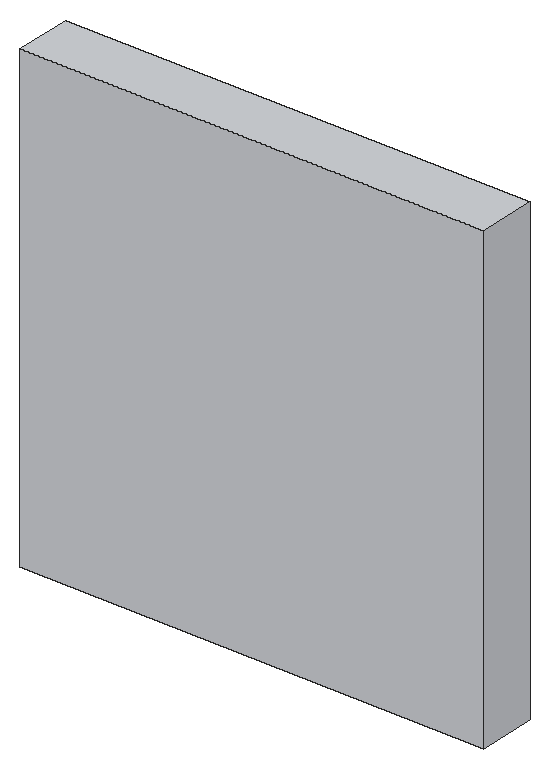
Revit family "WA-Panel", category Generic Models, host Wall, Revit 2011
Parameters (values of type "2'x2'")
  Width = 23 3/16"
  URL = "http://www.wengercorp.com/Home/Contact.html"
  Type Comments = "Rectangular"
  Thickness = 2 7/8"
  Part Number = "161G115"
  Manufacturer = "Wenger Corporation"
  Keynote = "Acoustic Wall Absorber Panels"
  Height = 23 3/16"
  Description = "Acoustic Panel"
  Assembly Code = ""
Types (15): name | Width | Height
  2'x2' | 23 3/16" | 23 3/16"
  2'x3' | 23 3/16" | 35 3/16"
  2'x4' | 23 3/16" | 46 7/8"
  2'x5' | 23 3/16" | 59 7/8"
  2'x6' | 23 3/16" | 70 7/8"
  2'x8' | 23 3/16" | 94 7/8"
  3'x3' | 35 3/16" | 35 3/16"
  3'x4' | 35 3/16" | 46 7/8"
  3'x5' | 35 3/16" | 58 7/8"
  3'x6' | 35 3/16" | 70 7/8"
  3'x8' | 35 3/16" | 94 7/8"
  4'x4' | 46 7/8" | 46 7/8"
  4'x5' | 46 7/8" | 58 7/8"
  4'x6' | 46 7/8" | 70 7/8"
  4'x8' | 46 7/8" | 94 7/8"
Reference planes (in)
  plane 1: y = 0
  plane 2 "Center (Left/Right)": x = 0
  plane 3 "Wall Edge": y = 3
  plane 4 "Right Side": x = 11.59375
  plane 5 "Left Side": x = -11.59375
  plane 6 "Bottom": z = 56.63048
  plane 7 "Top": z = 79.81798
  plane 8: z = 68.22423
  plane 9 "Front Thickness": y = 5.875
Forms (in)
  Extrusion 1, solid
    sketch origin (0, 3, 0) x (-1, 0, 0) y (0, 0, 1)
      loop
        line (-11.59375, 79.81798) -> (-11.59375, 56.63048) -> (11.59375, 56.63048) -> (11.59375, 79.81798) -> (-11.59375, 79.81798)
    from 0 to 2.875 <- "Thickness"
Text (in)
  text "Placement Side" at (0, 40.15149, 123.01588), in view "Right"
  text "Placement Side" at (-70.3804, 58.37636, 0), in view "Ref. Level"
  text "Placement Side" at (0, 81.62555, 140.59947), in view "Left"
Dimensions and locks (in)
  locked: plane 3 "Wall Edge" to host wall
  equal spacing: plane 4 "Right Side", plane 2 "Center (Left/Right)", plane 5 "Left Side"
  "Width": plane 4 "Right Side" to plane 5 "Left Side"
  "Height": plane 6 "Bottom" to plane 7 "Top"
  equal spacing: plane 6 "Bottom", plane 8, plane 7 "Top"
  level to plane 8 = 68.22423"
  aligned and locked: Extrusion 1 sketch curve to plane 7 "Top"
  aligned and locked: Extrusion 1 sketch curve to plane 4 "Right Side"
  aligned and locked: plane 6 "Bottom" to Extrusion 1 sketch curve
  aligned and locked: Extrusion 1 sketch curve to plane 5 "Left Side"
  aligned and locked: Extrusion 1 to plane 3 "Wall Edge"
